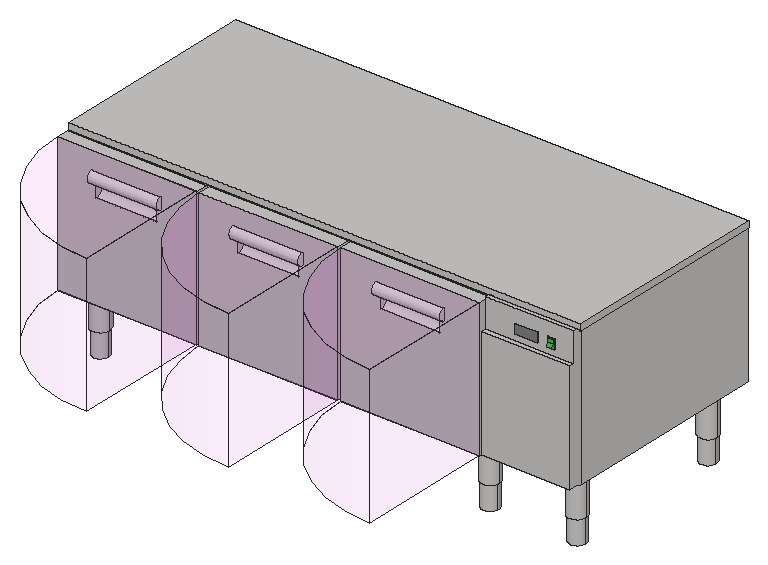
Revit family "QF_ZANUSSI_372293_Z7TTCECOMKN", category Specialty Equipment, Revit 2018 (continued)
Automatic sketch dimensions
  Split face 29 sketch curve to Split face 29 sketch curve = 31.959 mm
  Split face 29 sketch curve to Extrusion 4 = 94.208 mm
  Split face 29 sketch curve to Split face 29 sketch curve = 4 mm
  Split face 30 sketch curve to Extrusion 4 = 94 mm
  Split face 30 sketch curve to Split face 30 sketch curve = 0.02 mm  (x2)
  Split face 30 sketch curve to Split face 30 sketch curve = 31.959 mm
  Split face 30 sketch curve to Extrusion 4 = 118.896 mm
  Split face 30 sketch curve to Split face 30 sketch curve = 4 mm
  Split face 31 sketch curve to Extrusion 4 = 94 mm
  Split face 31 sketch curve to Split face 31 sketch curve = 0.02 mm  (x2)
  Split face 31 sketch curve to Split face 31 sketch curve = 31.959 mm
  Split face 31 sketch curve to Extrusion 4 = 106.896 mm
  Split face 31 sketch curve to Split face 31 sketch curve = 4 mm
  Split face 32 sketch curve to Extrusion 4 = 94 mm
  Split face 32 sketch curve to Split face 32 sketch curve = 0.02 mm  (x2)
  Split face 32 sketch curve to Split face 32 sketch curve = 31.959 mm
  Split face 32 sketch curve to Extrusion 4 = 94.897 mm
  Split face 32 sketch curve to Split face 32 sketch curve = 4 mm
  Split face 33 sketch curve to Extrusion 4 = 94 mm
  Split face 33 sketch curve to Split face 33 sketch curve = 0.02 mm  (x2)
  Split face 33 sketch curve to Split face 33 sketch curve = 31.959 mm
  Split face 33 sketch curve to Extrusion 4 = 82.999 mm
  Split face 33 sketch curve to Split face 33 sketch curve = 4 mm
  Split face 34 sketch curve to Extrusion 4 = 94 mm
  Split face 34 sketch curve to Split face 34 sketch curve = 0.02 mm  (x2)
  Split face 34 sketch curve to Split face 34 sketch curve = 31.959 mm
  Split face 34 sketch curve to Extrusion 4 = 71 mm
  Split face 34 sketch curve to Split face 34 sketch curve = 4 mm
  Split face 35 sketch curve to Extrusion 4 = 94 mm
  Split face 35 sketch curve to Split face 35 sketch curve = 0.02 mm  (x2)
  Split face 35 sketch curve to Split face 35 sketch curve = 31.959 mm
  Split face 35 sketch curve to Extrusion 4 = 59 mm
  Split face 35 sketch curve to Split face 35 sketch curve = 4 mm
  Split face 36 sketch curve to Extrusion 4 = 94 mm
  Split face 36 sketch curve to Split face 36 sketch curve = 0.02 mm  (x2)
  Split face 36 sketch curve to Split face 36 sketch curve = 31.959 mm
  Split face 36 sketch curve to Extrusion 4 = 47 mm
  Split face 36 sketch curve to Split face 36 sketch curve = 4 mm
  Split face 37 sketch curve to Extrusion 4 = 31 mm
  Split face 37 sketch curve to Extrusion 4 = 94 mm
  Split face 37 sketch curve to Split face 37 sketch curve = 0.02 mm  (x2)
  Split face 37 sketch curve to Split face 37 sketch curve = 31.959 mm
  Split face 37 sketch curve to Split face 37 sketch curve = 4 mm
  Split face 38 sketch curve to Extrusion 4 = 19 mm
  Split face 38 sketch curve to Extrusion 4 = 94 mm
  Split face 38 sketch curve to Split face 38 sketch curve = 0.02 mm  (x2)
  Split face 38 sketch curve to Split face 38 sketch curve = 31.959 mm
  Split face 38 sketch curve to Split face 38 sketch curve = 4 mm
  Split face 39 sketch curve to Extrusion 4 = 94 mm
  Split face 39 sketch curve to Split face 39 sketch curve = 0.02 mm  (x2)
  Split face 39 sketch curve to Split face 39 sketch curve = 31.959 mm
  Split face 39 sketch curve to Extrusion 4 = 130.896 mm
  Split face 39 sketch curve to Split face 39 sketch curve = 4 mm
  Split face 40 sketch curve to Extrusion 4 = 94 mm
  Split face 40 sketch curve to Split face 40 sketch curve = 0.02 mm  (x2)
  Split face 40 sketch curve to Split face 40 sketch curve = 31.959 mm
  Split face 40 sketch curve to Extrusion 4 = 118.208 mm
  Split face 40 sketch curve to Split face 40 sketch curve = 4 mm
  Split face 41 sketch curve to Extrusion 4 = 94 mm
  Split face 41 sketch curve to Split face 41 sketch curve = 0.02 mm  (x2)
  Split face 41 sketch curve to Split face 41 sketch curve = 31.959 mm
  Split face 41 sketch curve to Extrusion 4 = 130.208 mm
  Split face 41 sketch curve to Split face 41 sketch curve = 4 mm
  Split face 42 sketch curve to Extrusion 4 = 94 mm
  Split face 42 sketch curve to Split face 42 sketch curve = 0.02 mm  (x2)
  Split face 42 sketch curve to Split face 42 sketch curve = 31.959 mm
  Split face 42 sketch curve to Extrusion 4 = 142.208 mm
  Split face 42 sketch curve to Split face 42 sketch curve = 4 mm
  Split face 43 sketch curve to Extrusion 4 = 94 mm
  Split face 43 sketch curve to Split face 43 sketch curve = 0.02 mm  (x2)
  Split face 43 sketch curve to Split face 43 sketch curve = 31.959 mm
  Split face 43 sketch curve to Extrusion 4 = 154.896 mm
  Split face 43 sketch curve to Split face 43 sketch curve = 4 mm
  Split face 44 sketch curve to Extrusion 4 = 94 mm
  Split face 44 sketch curve to Split face 44 sketch curve = 0.02 mm  (x2)
  Split face 44 sketch curve to Split face 44 sketch curve = 31.959 mm
  Split face 44 sketch curve to Extrusion 4 = 142.896 mm
  Split face 44 sketch curve to Split face 44 sketch curve = 4 mm
  Split face 45 sketch curve to Extrusion 4 = 94 mm
  Split face 45 sketch curve to Split face 45 sketch curve = 0.02 mm  (x2)
  Split face 45 sketch curve to Split face 45 sketch curve = 31.959 mm
  Split face 45 sketch curve to Extrusion 4 = 106.208 mm
  Split face 45 sketch curve to Split face 45 sketch curve = 4 mm
  Split face 46 sketch curve to Extrusion 4 = 14.312 mm
  Split face 46 sketch curve to Extrusion 4 = 94 mm
  Split face 46 sketch curve to Split face 46 sketch curve = 0.02 mm  (x2)
  Split face 46 sketch curve to Extrusion 4 = 10.312 mm
  Split face 46 sketch curve to Split face 46 sketch curve = 31.959 mm
  Split face 47 sketch curve to Extrusion 4 = 26.312 mm
  Split face 47 sketch curve to Extrusion 4 = 94 mm
  Split face 47 sketch curve to Split face 47 sketch curve = 0.02 mm  (x2)
  Split face 47 sketch curve to Split face 47 sketch curve = 31.959 mm
  Split face 47 sketch curve to Split face 47 sketch curve = 4 mm
  Split face 48 sketch curve to Extrusion 4 = 38.311 mm
  Split face 48 sketch curve to Extrusion 4 = 94 mm
  Split face 48 sketch curve to Split face 48 sketch curve = 0.02 mm  (x2)
  Split face 48 sketch curve to Split face 48 sketch curve = 31.959 mm
  Split face 48 sketch curve to Split face 48 sketch curve = 4 mm
  Split face 49 sketch curve to Extrusion 4 = 94 mm
  Split face 49 sketch curve to Split face 49 sketch curve = 0.02 mm  (x2)
  Split face 49 sketch curve to Split face 49 sketch curve = 31.959 mm
  Split face 49 sketch curve to Extrusion 4 = 46.209 mm
  Split face 49 sketch curve to Split face 49 sketch curve = 4 mm
  Split face 50 sketch curve to Extrusion 4 = 94 mm
  Split face 50 sketch curve to Split face 50 sketch curve = 0.02 mm  (x2)
  Split face 50 sketch curve to Split face 50 sketch curve = 31.959 mm
  Split face 50 sketch curve to Extrusion 4 = 58.208 mm
  Split face 50 sketch curve to Split face 50 sketch curve = 4 mm
  Split face 51 sketch curve to Extrusion 4 = 94 mm
  Split face 51 sketch curve to Split face 51 sketch curve = 0.02 mm  (x2)
  Split face 51 sketch curve to Split face 51 sketch curve = 31.959 mm
  Split face 51 sketch curve to Extrusion 4 = 70.208 mm
  Split face 51 sketch curve to Split face 51 sketch curve = 4 mm
  Split face 52 sketch curve to Extrusion 4 = 94 mm
  Split face 52 sketch curve to Split face 52 sketch curve = 0.02 mm  (x2)
  Split face 52 sketch curve to Split face 52 sketch curve = 31.959 mm
  Split face 52 sketch curve to Extrusion 4 = 82.208 mm
  Split face 52 sketch curve to Split face 52 sketch curve = 4 mm
  Split face 53 sketch curve to Extrusion 4 = 94 mm
  Split face 53 sketch curve to Split face 53 sketch curve = 0.02 mm  (x2)
  Split face 53 sketch curve to Split face 53 sketch curve = 31.959 mm
  Split face 53 sketch curve to Extrusion 4 = 94.208 mm
  Split face 53 sketch curve to Split face 53 sketch curve = 4 mm
  Split face 54 sketch curve to Extrusion 4 = 149 mm
  Split face 54 sketch curve to Split face 54 sketch curve = 0.02 mm  (x2)
  Split face 54 sketch curve to Split face 54 sketch curve = 31.959 mm
  Split face 54 sketch curve to Extrusion 4 = 118.896 mm
  Split face 54 sketch curve to Split face 54 sketch curve = 4 mm
  Split face 55 sketch curve to Extrusion 4 = 149 mm
  Split face 55 sketch curve to Split face 55 sketch curve = 0.02 mm  (x2)
  Split face 55 sketch curve to Split face 55 sketch curve = 31.959 mm
  Split face 55 sketch curve to Extrusion 4 = 106.896 mm
  Split face 55 sketch curve to Split face 55 sketch curve = 4 mm
  Split face 56 sketch curve to Extrusion 4 = 149 mm
  Split face 56 sketch curve to Split face 56 sketch curve = 0.02 mm  (x2)
  Split face 56 sketch curve to Split face 56 sketch curve = 31.959 mm
  Split face 56 sketch curve to Extrusion 4 = 94.897 mm
  Split face 56 sketch curve to Split face 56 sketch curve = 4 mm
  Split face 57 sketch curve to Extrusion 4 = 149 mm
  Split face 57 sketch curve to Split face 57 sketch curve = 0.02 mm  (x2)
  Split face 57 sketch curve to Split face 57 sketch curve = 31.959 mm
  Split face 57 sketch curve to Extrusion 4 = 82.999 mm
  Split face 57 sketch curve to Split face 57 sketch curve = 4 mm
  Split face 58 sketch curve to Extrusion 4 = 67 mm
  Split face 58 sketch curve to Extrusion 4 = 149 mm
  Split face 58 sketch curve to Split face 58 sketch curve = 0.02 mm  (x2)
  Split face 58 sketch curve to Split face 58 sketch curve = 31.959 mm
  Split face 58 sketch curve to Split face 58 sketch curve = 4 mm
  Split face 59 sketch curve to Extrusion 4 = 55 mm
  Split face 59 sketch curve to Extrusion 4 = 149 mm
  Split face 59 sketch curve to Split face 59 sketch curve = 0.02 mm  (x2)
  Split face 59 sketch curve to Split face 59 sketch curve = 31.959 mm
  Split face 59 sketch curve to Split face 59 sketch curve = 4 mm
  Split face 60 sketch curve to Extrusion 4 = 43 mm
  Split face 60 sketch curve to Extrusion 4 = 149 mm
  Split face 60 sketch curve to Split face 60 sketch curve = 0.02 mm  (x2)
  Split face 60 sketch curve to Split face 60 sketch curve = 31.959 mm
  Split face 60 sketch curve to Split face 60 sketch curve = 4 mm
  Split face 61 sketch curve to Extrusion 4 = 31 mm
  Split face 61 sketch curve to Extrusion 4 = 149 mm
  Split face 61 sketch curve to Split face 61 sketch curve = 0.02 mm  (x2)
  Split face 61 sketch curve to Split face 61 sketch curve = 31.959 mm
  Split face 61 sketch curve to Split face 61 sketch curve = 4 mm
  Split face 62 sketch curve to Extrusion 4 = 19 mm
  Split face 62 sketch curve to Extrusion 4 = 149 mm
  Split face 62 sketch curve to Split face 62 sketch curve = 0.02 mm  (x2)
  Split face 62 sketch curve to Split face 62 sketch curve = 31.959 mm
  Split face 62 sketch curve to Split face 62 sketch curve = 4 mm
  Split face 63 sketch curve to Extrusion 4 = 149 mm
  Split face 63 sketch curve to Split face 63 sketch curve = 0.02 mm  (x2)
  Split face 63 sketch curve to Split face 63 sketch curve = 31.959 mm
  Split face 63 sketch curve to Extrusion 4 = 130.896 mm
  Split face 63 sketch curve to Split face 63 sketch curve = 4 mm
  Split face 64 sketch curve to Extrusion 4 = 149 mm
  Split face 64 sketch curve to Split face 64 sketch curve = 0.02 mm  (x2)
  Split face 64 sketch curve to Split face 64 sketch curve = 31.959 mm
  Split face 64 sketch curve to Extrusion 4 = 118.208 mm
  Split face 64 sketch curve to Split face 64 sketch curve = 4 mm
  Split face 65 sketch curve to Extrusion 4 = 149 mm
  Split face 65 sketch curve to Split face 65 sketch curve = 0.02 mm  (x2)
  Split face 65 sketch curve to Split face 65 sketch curve = 31.959 mm
  Split face 65 sketch curve to Extrusion 4 = 130.208 mm
  Split face 65 sketch curve to Split face 65 sketch curve = 4 mm
  Split face 66 sketch curve to Extrusion 4 = 149 mm
  Split face 66 sketch curve to Split face 66 sketch curve = 0.02 mm  (x2)
  Split face 66 sketch curve to Split face 66 sketch curve = 31.959 mm
  Split face 66 sketch curve to Extrusion 4 = 142.208 mm
  Split face 66 sketch curve to Split face 66 sketch curve = 4 mm
  Split face 67 sketch curve to Extrusion 4 = 149 mm
  Split face 67 sketch curve to Split face 67 sketch curve = 0.02 mm  (x2)
  Split face 67 sketch curve to Split face 67 sketch curve = 31.959 mm
  Split face 67 sketch curve to Extrusion 4 = 154.896 mm
  Split face 67 sketch curve to Split face 67 sketch curve = 4 mm
  Split face 68 sketch curve to Extrusion 4 = 149 mm
  Split face 68 sketch curve to Split face 68 sketch curve = 0.02 mm  (x2)
  Split face 68 sketch curve to Split face 68 sketch curve = 31.959 mm
  Split face 68 sketch curve to Extrusion 4 = 142.896 mm
  Split face 68 sketch curve to Split face 68 sketch curve = 4 mm
  Split face 69 sketch curve to Extrusion 4 = 149 mm
  Split face 69 sketch curve to Split face 69 sketch curve = 0.02 mm  (x2)
  Split face 69 sketch curve to Split face 69 sketch curve = 31.959 mm
  Split face 69 sketch curve to Extrusion 4 = 106.208 mm
  Split face 69 sketch curve to Split face 69 sketch curve = 4 mm
  Split face 70 sketch curve to Extrusion 4 = 14.312 mm
  Split face 70 sketch curve to Extrusion 4 = 149 mm
  Split face 70 sketch curve to Split face 70 sketch curve = 0.02 mm  (x2)
  Split face 70 sketch curve to Extrusion 4 = 10.312 mm
  Split face 70 sketch curve to Split face 70 sketch curve = 31.959 mm
  Split face 71 sketch curve to Extrusion 4 = 26.312 mm
  Split face 71 sketch curve to Extrusion 4 = 149 mm
  Split face 71 sketch curve to Split face 71 sketch curve = 0.02 mm  (x2)
  Split face 71 sketch curve to Split face 71 sketch curve = 31.959 mm
  Split face 71 sketch curve to Split face 71 sketch curve = 4 mm
  Split face 72 sketch curve to Extrusion 4 = 38.311 mm
  Split face 72 sketch curve to Extrusion 4 = 149 mm
  Split face 72 sketch curve to Split face 72 sketch curve = 0.02 mm  (x2)
  Split face 72 sketch curve to Split face 72 sketch curve = 31.959 mm
  Split face 72 sketch curve to Split face 72 sketch curve = 4 mm
  Split face 73 sketch curve to Extrusion 4 = 50.209 mm
  Split face 73 sketch curve to Extrusion 4 = 149 mm
  Split face 73 sketch curve to Split face 73 sketch curve = 0.02 mm  (x2)
  Split face 73 sketch curve to Split face 73 sketch curve = 31.959 mm
  Split face 73 sketch curve to Split face 73 sketch curve = 4 mm
  Split face 74 sketch curve to Extrusion 4 = 62.208 mm
  Split face 74 sketch curve to Extrusion 4 = 149 mm
  Split face 74 sketch curve to Split face 74 sketch curve = 0.02 mm  (x2)
  Split face 74 sketch curve to Split face 74 sketch curve = 31.959 mm
  Split face 74 sketch curve to Split face 74 sketch curve = 4 mm
  Split face 75 sketch curve to Extrusion 4 = 149 mm
  Split face 75 sketch curve to Split face 75 sketch curve = 0.02 mm  (x2)
  Split face 75 sketch curve to Split face 75 sketch curve = 31.959 mm
  Split face 75 sketch curve to Extrusion 4 = 70.208 mm
  Split face 75 sketch curve to Split face 75 sketch curve = 4 mm
  Split face 76 sketch curve to Extrusion 4 = 149 mm
  Split face 76 sketch curve to Split face 76 sketch curve = 0.02 mm  (x2)
  Split face 76 sketch curve to Split face 76 sketch curve = 31.959 mm
  Split face 76 sketch curve to Extrusion 4 = 82.208 mm
  Split face 76 sketch curve to Split face 76 sketch curve = 4 mm
  Split face 77 sketch curve to Extrusion 4 = 149 mm
  Split face 77 sketch curve to Split face 77 sketch curve = 0.02 mm  (x2)
  Split face 77 sketch curve to Split face 77 sketch curve = 31.959 mm
  Split face 77 sketch curve to Extrusion 4 = 94.208 mm
  Split face 77 sketch curve to Split face 77 sketch curve = 4 mm
  Split face 78 sketch curve to Extrusion 4 = 71 mm
  Split face 78 sketch curve to Split face 78 sketch curve = 0.02 mm  (x2)
  Split face 78 sketch curve to Extrusion 4 = 39.021 mm
  Split face 78 sketch curve to Extrusion 4 = 118.896 mm
  Split face 78 sketch curve to Split face 78 sketch curve = 4 mm
  Split face 79 sketch curve to Extrusion 4 = 71 mm
  Split face 79 sketch curve to Split face 79 sketch curve = 0.02 mm  (x2)
  Split face 79 sketch curve to Extrusion 4 = 39.021 mm
  Split face 79 sketch curve to Extrusion 4 = 106.896 mm
  Split face 79 sketch curve to Split face 79 sketch curve = 4 mm
  Split face 80 sketch curve to Extrusion 4 = 71 mm
  Split face 80 sketch curve to Split face 80 sketch curve = 0.02 mm  (x2)
  Split face 80 sketch curve to Extrusion 4 = 39.021 mm
  Split face 80 sketch curve to Extrusion 4 = 94.897 mm
  Split face 80 sketch curve to Split face 80 sketch curve = 4 mm
  Split face 81 sketch curve to Extrusion 4 = 71 mm
  Split face 81 sketch curve to Split face 81 sketch curve = 0.02 mm  (x2)
  Split face 81 sketch curve to Extrusion 4 = 39.021 mm
  Split face 81 sketch curve to Extrusion 4 = 82.999 mm
  Split face 81 sketch curve to Split face 81 sketch curve = 4 mm
  Split face 82 sketch curve to Extrusion 4 = 71 mm  (x2)
  Split face 82 sketch curve to Split face 82 sketch curve = 0.02 mm  (x2)
  Split face 82 sketch curve to Extrusion 4 = 39.021 mm
  Split face 82 sketch curve to Split face 82 sketch curve = 4 mm
  Split face 83 sketch curve to Extrusion 4 = 71 mm
  Split face 83 sketch curve to Split face 83 sketch curve = 0.02 mm  (x2)
  Split face 83 sketch curve to Extrusion 4 = 39.021 mm
  Split face 83 sketch curve to Extrusion 4 = 59 mm
  Split face 83 sketch curve to Split face 83 sketch curve = 4 mm
  Split face 84 sketch curve to Extrusion 4 = 71 mm
  Split face 84 sketch curve to Split face 84 sketch curve = 0.02 mm  (x2)
  Split face 84 sketch curve to Extrusion 4 = 39.021 mm
  Split face 84 sketch curve to Extrusion 4 = 47 mm
  Split face 84 sketch curve to Split face 84 sketch curve = 4 mm
  Split face 85 sketch curve to Extrusion 4 = 31 mm
  Split face 85 sketch curve to Extrusion 4 = 71 mm
  Split face 85 sketch curve to Split face 85 sketch curve = 0.02 mm  (x2)
  Split face 85 sketch curve to Extrusion 4 = 39.021 mm
  Split face 85 sketch curve to Split face 85 sketch curve = 4 mm
  Split face 86 sketch curve to Extrusion 4 = 19 mm
  Split face 86 sketch curve to Extrusion 4 = 71 mm
  Split face 86 sketch curve to Split face 86 sketch curve = 0.02 mm  (x2)
  Split face 86 sketch curve to Extrusion 4 = 39.021 mm
  Split face 86 sketch curve to Split face 86 sketch curve = 4 mm
  Split face 87 sketch curve to Extrusion 4 = 71 mm
  Split face 87 sketch curve to Split face 87 sketch curve = 0.02 mm  (x2)
  Split face 87 sketch curve to Extrusion 4 = 39.021 mm
  Split face 87 sketch curve to Extrusion 4 = 130.896 mm
  Split face 87 sketch curve to Split face 87 sketch curve = 4 mm
  Split face 88 sketch curve to Extrusion 4 = 71 mm
  Split face 88 sketch curve to Split face 88 sketch curve = 0.02 mm  (x2)
  Split face 88 sketch curve to Extrusion 4 = 39.021 mm
  Split face 88 sketch curve to Extrusion 4 = 118.208 mm
  Split face 88 sketch curve to Split face 88 sketch curve = 4 mm
  Split face 89 sketch curve to Extrusion 4 = 71 mm
  Split face 89 sketch curve to Split face 89 sketch curve = 0.02 mm  (x2)
  Split face 89 sketch curve to Extrusion 4 = 39.021 mm
  Split face 89 sketch curve to Extrusion 4 = 130.208 mm
  Split face 89 sketch curve to Split face 89 sketch curve = 4 mm
  Split face 90 sketch curve to Extrusion 4 = 71 mm
  Split face 90 sketch curve to Split face 90 sketch curve = 0.02 mm  (x2)
  Split face 90 sketch curve to Extrusion 4 = 39.021 mm
  Split face 90 sketch curve to Extrusion 4 = 142.208 mm
  Split face 90 sketch curve to Split face 90 sketch curve = 4 mm
  Split face 91 sketch curve to Extrusion 4 = 71 mm
  Split face 91 sketch curve to Split face 91 sketch curve = 0.02 mm  (x2)
  Split face 91 sketch curve to Extrusion 4 = 39.021 mm
  Split face 91 sketch curve to Extrusion 4 = 154.896 mm
  Split face 91 sketch curve to Split face 91 sketch curve = 4 mm
  Split face 92 sketch curve to Extrusion 4 = 71 mm
  Split face 92 sketch curve to Split face 92 sketch curve = 0.02 mm  (x2)
  Split face 92 sketch curve to Extrusion 4 = 39.021 mm
  Split face 92 sketch curve to Extrusion 4 = 142.896 mm
  Split face 92 sketch curve to Split face 92 sketch curve = 4 mm
  Split face 93 sketch curve to Extrusion 4 = 71 mm
  Split face 93 sketch curve to Split face 93 sketch curve = 0.02 mm  (x2)
  Split face 93 sketch curve to Extrusion 4 = 39.021 mm
  Split face 93 sketch curve to Extrusion 4 = 106.208 mm
  Split face 93 sketch curve to Split face 93 sketch curve = 4 mm
  Split face 94 sketch curve to Extrusion 4 = 14.312 mm
  Split face 94 sketch curve to Extrusion 4 = 71 mm
  Split face 94 sketch curve to Split face 94 sketch curve = 0.02 mm  (x2)
  Split face 94 sketch curve to Extrusion 4 = 39.021 mm
  Split face 94 sketch curve to Split face 94 sketch curve = 4 mm
  Split face 95 sketch curve to Extrusion 4 = 26.312 mm
  Split face 95 sketch curve to Extrusion 4 = 71 mm
  Split face 95 sketch curve to Split face 95 sketch curve = 0.02 mm  (x2)
  Split face 95 sketch curve to Extrusion 4 = 39.021 mm
  Split face 95 sketch curve to Split face 95 sketch curve = 4 mm
  Split face 96 sketch curve to Extrusion 4 = 71 mm
  Split face 96 sketch curve to Split face 96 sketch curve = 0.02 mm  (x2)
  Split face 96 sketch curve to Extrusion 4 = 39.021 mm
  Split face 96 sketch curve to Extrusion 4 = 34.312 mm
  Split face 96 sketch curve to Split face 96 sketch curve = 4 mm
  Split face 97 sketch curve to Extrusion 4 = 71 mm
  Split face 97 sketch curve to Split face 97 sketch curve = 0.02 mm  (x2)
  Split face 97 sketch curve to Extrusion 4 = 39.021 mm
  Split face 97 sketch curve to Extrusion 4 = 46.209 mm
  Split face 97 sketch curve to Split face 97 sketch curve = 4 mm
  Split face 98 sketch curve to Extrusion 4 = 71 mm
  Split face 98 sketch curve to Split face 98 sketch curve = 0.02 mm  (x2)
  Split face 98 sketch curve to Extrusion 4 = 39.021 mm
  Split face 98 sketch curve to Extrusion 4 = 58.208 mm
  Split face 98 sketch curve to Split face 98 sketch curve = 4 mm
  Split face 99 sketch curve to Extrusion 4 = 71 mm
  Split face 99 sketch curve to Split face 99 sketch curve = 0.02 mm  (x2)
  Split face 99 sketch curve to Extrusion 4 = 39.021 mm
  Split face 99 sketch curve to Extrusion 4 = 70.208 mm
  Split face 99 sketch curve to Split face 99 sketch curve = 4 mm
  Split face 100 sketch curve to Extrusion 4 = 71 mm
  Split face 100 sketch curve to Split face 100 sketch curve = 0.02 mm  (x2)
  Split face 100 sketch curve to Extrusion 4 = 39.021 mm
  Split face 100 sketch curve to Extrusion 4 = 82.208 mm
  Split face 100 sketch curve to Split face 100 sketch curve = 4 mm
  Split face 101 sketch curve to Extrusion 4 = 71 mm
  Split face 101 sketch curve to Split face 101 sketch curve = 0.02 mm  (x2)
  Split face 101 sketch curve to Extrusion 4 = 39.021 mm
  Split face 101 sketch curve to Extrusion 4 = 94.208 mm
  Split face 101 sketch curve to Split face 101 sketch curve = 4 mm
  Extrusion 13 sketch curve to plane 7 "FRONT" = 0 mm  (x3)
  Extrusion 13 sketch curve to plane 13 "TOP" = 90.566 mm
  Extrusion 13 sketch curve to Extrusion 13 sketch curve = 8.275 mm
  Extrusion 14 sketch curve to plane 7 "FRONT" = 0 mm
  Extrusion 14 sketch curve to plane 7 "FRONT" = 2.777 mm
  plane 7 "FRONT" to Extrusion 14 sketch curve = 21.853 mm
  Extrusion 14 sketch curve to plane 11 = 4.5 mm
  Extrusion 14 sketch curve to plane 13 "TOP" = 128.294 mm
  Extrusion 14 sketch curve to Extrusion 14 sketch curve = 18.821 mm
  curve 46 to plane 7 "FRONT" = 0 mm
  curve 39 to plane 7 "FRONT" = 0 mm
  curve 45 to plane 7 "FRONT" = 0 mm
  curve 42 to plane 7 "FRONT" = 0 mm
  curve 32 to plane 7 "FRONT" = 0 mm
  curve 41 to plane 7 "FRONT" = 0 mm
  curve 43 to plane 7 "FRONT" = 0 mm
  curve 44 to plane 7 "FRONT" = 0 mm
  plane 7 "FRONT" to curve 46 = 3.906 mm
  curve 46 to plane 3 "Centro (Sinistra/Destra)" = 367.491 mm
  plane 8 to curve 45 = 40.167 mm
  curve 45 to plane 3 "Centro (Sinistra/Destra)" = 364.999 mm
  plane 7 "FRONT" to curve 42 = 3.906 mm
  plane 3 "Centro (Sinistra/Destra)" to curve 42 = 74.508 mm
  plane 3 "Centro (Sinistra/Destra)" to curve 41 = 77 mm
  plane 7 "FRONT" to curve 43 = 3.906 mm
  plane 16 to curve 43 = 44.508 mm
  plane 16 to curve 44 = 47 mm
  plane 8 to curve 44 = 40.167 mm
  plane 8 to curve 41 = 40.167 mm
  plane 9 to curve 39 = 52.5 mm
  curve 42 to curve 32 = 107.5 mm
  curve 32 to plane 7 "FRONT" = 17.78 mm
  curve 39 to plane 7 "FRONT" = 17.78 mm
  Extrusion 1 sketch curve to plane 6 "BACK" = 0 mm
  Extrusion 1 sketch curve to plane 11 = 0 mm
  Extrusion 1 sketch curve to plane 15 "RIGHT" = 1 mm
  plane 14 "LEFT" to Extrusion 1 sketch curve = 1 mm
  curve 2 to plane 6 "BACK" = 0 mm
  curve 2 to plane 11 = 0 mm
  curve 6 to plane 7 "FRONT" = 0 mm
  curve 25 to plane 7 "FRONT" = 0 mm
  curve 24 to plane 7 "FRONT" = 0 mm
  curve 37 to plane 7 "FRONT" = 0 mm
  curve 2 to plane 15 "RIGHT" = 1 mm
  curve 27 to plane 10 = 3.1 mm
  curve 9 to plane 10 = 5.1 mm
  plane 7 "FRONT" to curve 10 = 7.415 mm
  curve 9 to curve 10 = 18 mm
  curve 11 to curve 26 = 2 mm
  plane 7 "FRONT" to curve 13 = 14.8 mm
  curve 12 to curve 13 = 32 mm
  curve 13 to curve 13 = 70 mm
  plane 16 to curve 7 = 52 mm
  curve 14 to curve 17 = 5 mm
  curve 21 to plane 7 "FRONT" = 17.78 mm
  curve 21 to plane 16 = 64.5 mm
  plane 3 "Centro (Sinistra/Destra)" to curve 20 = 196.5 mm
  curve 16 to plane 11 = 4.499 mm
  plane 3 "Centro (Sinistra/Destra)" to curve 16 = 85 mm
  curve 18 to curve 24 = 7.999 mm
  curve 28 to plane 3 "Centro (Sinistra/Destra)" = 34.5 mm
  curve 23 to plane 11 = 4.499 mm
  curve 22 to curve 23 = 322.5 mm
  curve 23 to curve 34 = 7.999 mm
  curve 38 to plane 7 "FRONT" = 17.78 mm
  curve 34 to curve 38 = 111.501 mm
  plane 14 "LEFT" to curve 36 = 1 mm
  plane 14 "LEFT" to curve 1 = 1 mm
  curve 34 to plane 11 = 4.499 mm
  curve 27 to curve 9 = 7.385 mm
  curve 22 to curve 28 = 17.78 mm
  curve 28 to curve 23 = 107.5 mm
  plane 9 to curve 38 = 52.5 mm
  curve 14 to plane 11 = 5.442 mm
  curve 14 to curve 15 = 11.321 mm
  curve 30 to curve 13 = 1.6 mm
  plane 12 to Extrusion 12 sketch curve = 1.587 mm  (x3)
  plane 16 to Extrusion 12 sketch curve = 47 mm
  Extrusion 12 sketch curve to plane 16 = 76.699 mm
  Extrusion 12 sketch curve to Extrusion 12 sketch curve = 186.601 mm
  plane 3 "Centro (Sinistra/Destra)" to Extrusion 12 sketch curve = 85 mm
  Extrusion 12 sketch curve to Extrusion 12 sketch curve = 7.999 mm  (x2)
  Extrusion 12 sketch curve to plane 3 "Centro (Sinistra/Destra)" = 46.699 mm
  Extrusion 12 sketch curve to plane 13 "TOP" = 85 mm
  Extrusion 12 sketch curve to Extrusion 12 sketch curve = 190.601 mm
  Extrusion 12 sketch curve to Extrusion 12 sketch curve = 119.7 mm
  Extrusion 12 sketch curve to plane 13 "TOP" = 0.8 mm  (x3)
  Extrusion 12 sketch curve to Extrusion 12 sketch curve = 123.7 mm
  plane 9 to Extrusion 12 sketch curve = 64.7 mm
  plane 14 "LEFT" to Extrusion 12 sketch curve = 1 mm
  Extrusion 12 sketch curve to plane 13 "TOP" = 128.294 mm  (x2)
  Extrusion 12 sketch curve to Extrusion 12 sketch curve = 43.294 mm  (x3)
  Extrusion 15 sketch curve to plane 7 "FRONT" = 0 mm  (x3)
  plane 7 "FRONT" to Extrusion 15 sketch curve = 3.906 mm  (x3)
  plane 8 to Extrusion 15 sketch curve = 40.167 mm  (x3)
  plane 14 "LEFT" to Extrusion 15 sketch curve = 1.001 mm
  Extrusion 15 sketch curve to plane 3 "Centro (Sinistra/Destra)" = 367.491 mm
  Extrusion 15 sketch curve to Extrusion 15 sketch curve = 7.999 mm
  plane 3 "Centro (Sinistra/Destra)" to Extrusion 15 sketch curve = 74.508 mm
  Extrusion 15 sketch curve to Extrusion 15 sketch curve = 8 mm
  Extrusion 15 sketch curve to Extrusion 15 sketch curve = 431.508 mm
  radius of Extrusion 2 sketch curve = 12 mm
Nested families
  nested 1: "Foot_Ø50_H200" at (-944, 194.95, 0), type "Foot_Ø50_H200"
  nested 2: "Foot_Ø50_H200" at (-944, -315.05, 0), type "Foot_Ø50_H200"
  nested 3: "Foot_Ø50_H200" at (272, -315.05, 0), type "Foot_Ø50_H200"
  nested 4: "Foot_Ø50_H200" at (272, 194.95, 0), type "Foot_Ø50_H200"
  nested 5: "Foot_Ø50_H200" at (544, 194.95, 0), type "Foot_Ø50_H200"
  nested 6: "Foot_Ø50_H200" at (544, -315.05, 0), type "Foot_Ø50_H200"
Connectors
  electrical at (559, 122.95, 190), driven by "Volts"
    settings: on Extrusion 2, index 2, voltage 220 V, apparent load 0 VA, apparent load phase1 0 VA, apparent load phase2 0 VA, apparent load phase3 0 VA, power factor 1, load classification "Altro", number of poles 1, system type 30, power factor state 1, is connector primary yes, connector utility no, sub classification motor no, connector description "Electrical Connection"
Definition of nested family "Foot_Ø50_H200"
  Reference planes
    plane 1 "Centro (Fronte/Retro)": y = 0
    plane 2: z = 0
    plane 3 "Centro (Sinistra/Destra)": x = 0
    plane 4: z = 200
  Forms (mm)
    Revolve 1, solid
      sketch origin (255.05, 0, 608.09) x (0, 0, 1) y (-1, 0, 0)
        loop
          line (-608.09, 255.05) -> (-608.09, 230.05) -> (-533.09, 230.05) -> (-533.09, 226.05) -> (-408.09, 226.05) -> (-408.09, 255.05) -> (-608.09, 255.05)
        axis (-608.09, 255.05) -> (-408.09, 255.05)
      angle from 0 to 360
  Dimensions and locks
    locked: Revolve 1 sketch curve to Revolve 1 sketch curve at 125
    aligned and locked: level to plane 2
    aligned and locked: plane 4 to Revolve 1 sketch curve
    aligned and locked: Revolve 1 sketch curve to level
    aligned and locked: plane 3 "Centro (Sinistra/Destra)" to Revolve 1 sketch curve
